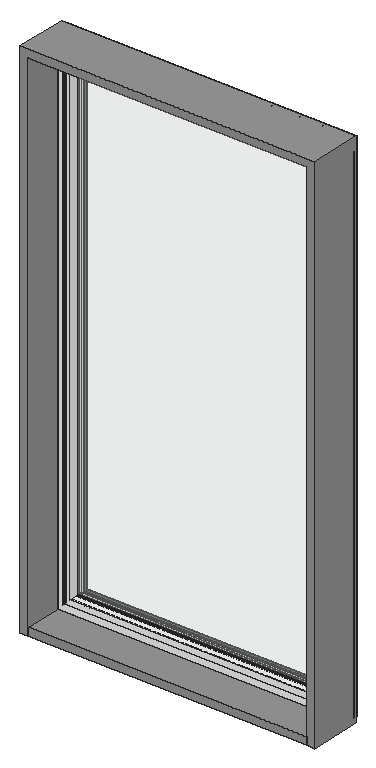
Revit family "WBW_VasteBeglazing 1 vak", category Windows, host Wall, Revit 2013
Parameters (values of type "RT element vast beglaasd")
  Versterking Buitenzijde = no
  Versterking Binnenzijde = yes
  URL = "http://www.kawneer.com/bcs/architectuursystemen/en/about/locations.asp"
  Type Comments = "Vrij te parameteriseren Revit Model"  # constant formula
  Spouwdiepte = 180 mm
  Speling Pui_buitenblad MW Onderzijde = 10 mm
  Speling Pui_ buitenblad MW = 10 mm
  ScheduleType |RF| = "WBC_W_F"
  RT 72 = yes
  RT 62 = no
  RT 52 = no
  Operation = "IfcWindow"
  OffsetVkKozijnVkStelkozijn = 13.5 mm
  Nen 5096 R.c. 2 = yes
  NL-SfB-Code = "31.21.22"  # constant formula
  Model = "NL-SfB naam"
  Manufacturer Tel. = "+31341-464631 / harold.kok@arconic.com"  # constant formula
  Manufacturer = ""
  Kleur H&S = NVT
  Kleur Buitenzijde Vleugel = Kawneer RAL 9010
  Kleur Buitenzijde = Kawneer RAL 9010
  Kleur Binnenzijde Vleugel = Kawneer RAL 9010
  Kleur Binnenzijde = Kawneer RAL 9010
  Keynote = "30.34"
  Hoogte Tussen regel 5 = 0 mm
  Hoogte Tussen regel 4 = 0 mm
  Hoogte Tussen regel 3 = 0 mm
  Hoogte Tussen regel 2 = 0 mm
  Hoogte Tussen regel 1 = 0 mm
  Height = 1800 mm
  HalveSpouw_OffsetVkKozijn_Stelkozijn = HalveSpouw + OffsetVkKozijnVkStelkozijn  # 103.5 mm
  HalveSpouw = Spouwdiepte / 2  # 90 mm
  GlassType = Glass, Clear Glazing, Low E
  Glasdikte (totaal) = 29 mm  # constant formula
  DikteStelkozijn_SpelingPui_BuitenbladMW = Dikte Stelkozijn - Speling Pui_ buitenblad MW  # 17 mm
  DikteStelkozijnOnderzijde_SpelingPui_BuitenbladMWOnderzijde = Dikte Stelkozijn onderzijde - Speling Pui_buitenblad MW Onderzijde  # 17 mm
  Dikte Stelkozijn onderzijde = 27 mm
  Dikte Stelkozijn = 27 mm
  Diepte Versterking Buitenzijde_30_50_85 = 30 mm
  Diepte Versterking Binnenzijde_30_55_75 = 75 mm
  Description 2 = if(RT 52, "' Standaard systeemomschrijving RT 52 standaard vlak", if(RT 62, "Standaard systeemomschrijving RT 62 standaard vlak", "'Standaard systeemomschrijving RT 72 standaard vlak"))  # "'Standaard systeemomschrijving RT 72 standaard vlak"
  Description = if(RT 52, "Kawneer RT 52 raamelement volgens productomschrijving:", if(RT 62, "Kawneer RT 62 raamelement volgens productomschrijving:", "Kawneer RT 72 raamelement volgens productomschrijving:"))  # "Kawneer RT 72 raamelement volgens productomschrijving:"
  Default Sill Height = 800 mm
  Wall Closure = By host
  Width = 1000 mm
  BreedteMaat_5 = 0 mm
  BreedteMaat_4 = 0 mm
  BreedteMaat_3 = 0 mm
  BreedteMaat_2 = 0 mm
  BreedteMaat_1 = 0 mm
  Brandwerendheid = no
  Brandwerend volgens:2 = if(and(RT 52, Brandwerendheid), "-", if(and(RT 62, Brandwerendheid), "Rapport 2010-Efectis-R0226[Rev.4] Brandbeoordeling EW 30", if(and(RT 72, Brandwerendheid), "Rapport g2013005803r001DGMR RT72 brandbeoordeling EW30", "Niet van toepassing_geselecteerd")))  # "Niet van toepassing_geselecteerd"
  Brandwerend volgens: = if(and(RT 52, Brandwerendheid), "Niet mogelijk binnen dit systeem_kiest u RT 62 of RT 72", if(and(RT 62, Brandwerendheid), "Nen 6069 criteria Ew30 mits uitgevoerd conform:", if(and(RT 72, Brandwerendheid), "Nen 6069 criteria Ew30 mits uitgevoerd concorm:", "-")))  # "-"
  Beslag Resume 05 = if(Nen 5096 R.c. 2, "Inbraakwerend volgens attest ALCOA SKG.0055.0292.07.NL (klasse 2)", "Niet inbraakwerend")  # "Inbraakwerend volgens attest ALCOA SKG.0055.0292.07.NL (klasse 2)"
  Beslag Resume 04 = "Vaste Beglazing"  # constant formula
  Beslag Resume 03 = "Handgreep A-line (niet afsluitbaar) artikel 276 177"
  Beslag Resume 02 = ""
  Beslag Resume 01 = ""
  B1 = 500 mm
  Assembly Code = "B2020110"
  Analytic Construction = "<None>"
  AanzichtlLijnVal = yes
  Aanzichtbreedte Tussen Stijlen _68_78_88_110_150_200mm = 78
  Aanzichtbreedte Tussen Regels _68_78_88_110_150_200mm = 78
  Aanzichtbreedte Raamvleugel Profielen _35_45_66mm = 35
  Aanzichtbreedte Kozijn Profielen_68_78_88_110_150mm = 68
  AanzichtLijnDraai = yes
  Aanzicht Tussen Stijl 88mm = (Aanzichtbreedte Tussen Stijlen _68_78_88_110_150_200mm = 88)  # no
  Aanzicht Tussen Stijl 78mm = (Aanzichtbreedte Tussen Stijlen _68_78_88_110_150_200mm = 78)  # yes
  Aanzicht Tussen Stijl 68mm = (Aanzichtbreedte Tussen Stijlen _68_78_88_110_150_200mm = 68)  # no
  Aanzicht Tussen Stijl 200mm = (Aanzichtbreedte Tussen Stijlen _68_78_88_110_150_200mm = 200)  # no
  Aanzicht Tussen Stijl 150mm = (Aanzichtbreedte Tussen Stijlen _68_78_88_110_150_200mm = 150)  # no
  Aanzicht Tussen Stijl 110mm = (Aanzichtbreedte Tussen Stijlen _68_78_88_110_150_200mm = 110)  # no
  Aanzicht Tussen Stijl = ""
  Aanzicht Tussen Regel 88mm = (Aanzichtbreedte Tussen Regels _68_78_88_110_150_200mm = 88)  # no
  Aanzicht Tussen Regel 78mm = (Aanzichtbreedte Tussen Regels _68_78_88_110_150_200mm = 78)  # yes
  Aanzicht Tussen Regel 68mm = (Aanzichtbreedte Tussen Regels _68_78_88_110_150_200mm = 68)  # no
  Aanzicht Tussen Regel 200mm = (Aanzichtbreedte Tussen Regels _68_78_88_110_150_200mm = 200)  # no
  Aanzicht Tussen Regel 150mm = (Aanzichtbreedte Tussen Regels _68_78_88_110_150_200mm = 150)  # no
  Aanzicht Tussen Regel 110mm = (Aanzichtbreedte Tussen Regels _68_78_88_110_150_200mm = 110)  # no
  Aanzicht Tussen Regel = ""
  Aanzicht Kader 88mm = (Aanzichtbreedte Kozijn Profielen_68_78_88_110_150mm = 88)  # no
  Aanzicht Kader 78mm = (Aanzichtbreedte Kozijn Profielen_68_78_88_110_150mm = 78)  # no
  Aanzicht Kader 68mm = (Aanzichtbreedte Kozijn Profielen_68_78_88_110_150mm = 68)  # yes
  Aanzicht Kader 110mm = (Aanzichtbreedte Kozijn Profielen_68_78_88_110_150mm = 110)  # no
  Aanzicht Kader = ""
Reference planes
  plane 1 "Center (Front/Back)": y = 0
  plane 2 "Center (Left/Right)": x = 0
  plane 3 "Left": x = -500
  plane 4 "Right": x = 500
  plane 5 "Sill": z = 800
  plane 6 "Head": z = 2600
  plane 7 "Exterior": y = 100
  plane 8 "Interior": y = -100
  plane 9 "Dagkant Buitenblad metselwerk Links": x = -510
  plane 10 "Dagkant Buitenblad metselwerk Rechts": x = 510
  plane 11 "Dagkant Stelkozijn_Binnenblad metselwewrk Links": x = -483
  plane 12 "Dagkant Stelkozijn_Binnenblad metselwewrk Rechts": x = 483
  plane 13 "VK Pui": y = 103.5
  plane 14 "AK Buitenblad MW": y = 90
  plane 15 "VK Stelkozijn": y = 90
  plane 16 "AK Pui": y = -40
  plane 17 "VK Binnenblad MW": y = -90
  plane 18: z = 2610
  plane 19: z = 2583
  plane 20: z = 817
  plane 21: z = 790
Forms (mm)
  Sweep 1, void
    path origin (0, 100, 0) x (1, 0, 0) y (0, 0, 1)
      loop
        line (500, 2600) -> (-500, 2600) -> (-500, 800) -> (500, 800) -> (500, 2600)
    profile origin (0, 100, 2600) x (0, 0, -1) y (0, -1, 0)
      loop
        line (-10, 0) -> (17, 0) -> (17, 190) -> (-10, 190) -> (-10, 0)
  Extrusion 2, void
    sketch origin (0, 100, 0) x (1, 0, 0) y (0, 0, 1)
      loop
        line (483, 2583) -> (-483, 2583) -> (-483, 817) -> (483, 817) -> (483, 2583)
    from 0 to 200
  Sweep 3, solid, material "Wood"
    path origin (0, 0, 0) x (1, 0, 0) y (0, 0, 1)
      loop
        line (499.822, 790) -> (499.822, 2600) -> (-500, 2600) -> (-500, 790)
    profile origin (-0.089, 0, 2600) x (0, 0, -1) y (0, -1, 0)
      loop
        line (-10, -90) -> (17, -90) -> (17, 90) -> (-10, 90) -> (-10, -90)
  Sweep 4, solid, material "Wood"
    path origin (0, 0, 0) x (1, 0, 0) y (0, 0, 1)
      loop
        line (482.822, 800) -> (-483, 800)
    profile origin (-0.089, 0, 800) x (0, 0, -1) y (0, -1, 0)
      loop
        line (-17, -90) -> (10, -90) -> (10, 90) -> (-17, 90) -> (-17, -90)
Text (mm)
  text "EXTERIOR" at (-1963.203, 1332.353, 0), in view "Ref. Level"
  text "INTERIOR" at (-1981.466, -818.386, 0), in view "Ref. Level"
  text "Exterior" at (0, 923.751, 2943.296), in view "Right"
  text "Exterior" at (0, 1040.484, 2685.409), in view "Left"
Dimensions and locks
  equal spacing: plane 3 "Left", plane 2 "Center (Left/Right)", plane 4 "Right"
  "Width": plane 3 "Left" to plane 4 "Right"
  "Height": plane 5 "Sill" to plane 6 "Head"
  "Default Sill Height": plane 5 "Sill" to level
  locked: plane 7 "Exterior" to host wall at 0
  locked: plane 8 "Interior" to host wall
  "Speling Pui_ buitenblad MW": plane 9 "Dagkant Buitenblad metselwerk Links" to plane 3 "Left"
  "Speling Pui_ buitenblad MW": plane 4 "Right" to plane 10 "Dagkant Buitenblad metselwerk Rechts"
  "DikteStelkozijn_SpelingPui_BuitenbladMW": plane 3 "Left" to plane 11 "Dagkant Stelkozijn_Binnenblad metselwewrk Links"
  "DikteStelkozijn_SpelingPui_BuitenbladMW": plane 12 "Dagkant Stelkozijn_Binnenblad metselwewrk Rechts" to plane 4 "Right"
  "Speling Pui_ buitenblad MW": plane 6 "Head" to plane 18
  "Speling Pui_buitenblad MW Onderzijde": plane 5 "Sill" to plane 21
  "DikteStelkozijn_SpelingPui_BuitenbladMW": plane 19 to plane 6 "Head"
  "DikteStelkozijnOnderzijde_SpelingPui_BuitenbladMWOnderzijde": plane 5 "Sill" to plane 20
  "HalveSpouw": plane 15 "VK Stelkozijn" to plane 1 "Center (Front/Back)"
  "HalveSpouw": plane 1 "Center (Front/Back)" to plane 17 "VK Binnenblad MW"
  "HalveSpouw_OffsetVkKozijn_Stelkozijn": plane 13 "VK Pui" to plane 1 "Center (Front/Back)"
  aligned and locked: Sweep 1 sketch curve to plane 6 "Head"
  aligned and locked: Sweep 1 sketch curve to plane 4 "Right"
  aligned and locked: plane 5 "Sill" to Sweep 1 sketch curve
  aligned and locked: plane 3 "Left" to Sweep 1 sketch curve
  aligned and locked: Sweep 1 sketch curve to plane 18
  aligned and locked: plane 19 to Sweep 1 sketch curve
  aligned and locked: plane 17 "VK Binnenblad MW" to Sweep 1 sketch curve
  aligned and locked: Extrusion 2 sketch curve to Sweep 1  (x4)
  aligned and locked: host wall to Extrusion 2
  aligned and locked: Sweep 3 sketch curve to plane 6 "Head"
  aligned and locked: Sweep 3 sketch curve to plane 18
  aligned and locked: Sweep 3 sketch curve to plane 15 "VK Stelkozijn"
  aligned and locked: plane 19 to Sweep 3 sketch curve
  aligned and locked: plane 17 "VK Binnenblad MW" to Sweep 3 sketch curve
  aligned and locked: plane 21 to Sweep 3 sketch curve
  aligned and locked: plane 3 "Left" to Sweep 3 sketch curve
  aligned and locked: Sweep 4 sketch curve to plane 20
  aligned and locked: Sweep 4 sketch curve to plane 15 "VK Stelkozijn"
  aligned and locked: Sweep 4 sketch curve to Sweep 3  (x2)
  aligned and locked: plane 4 "Right" to nested 1
  aligned and locked: plane 6 "Head" to nested 1
  aligned and locked: nested 1 to plane 3 "Left"
  aligned and locked: plane 1 "Center (Front/Back)" to host wall
  aligned and locked: nested 1 to plane 13 "VK Pui"
Automatic sketch dimensions
  Sweep 1 sketch curve to plane 7 "Exterior" = 0 mm
  Sweep 3 sketch curve to plane 21 = 0 mm
  plane 4 "Right" to Sweep 3 sketch curve = 0.178 mm
  Sweep 4 sketch curve to plane 5 "Sill" = 0 mm
  plane 11 "Dagkant Stelkozijn_Binnenblad metselwewrk Links" to Sweep 4 sketch curve = 0 mm
  plane 12 "Dagkant Stelkozijn_Binnenblad metselwewrk Rechts" to Sweep 4 sketch curve = 0.178 mm
Nested families
  nested 1: "GMW_VasteBeglazing 1vak" at (0, 103.5, 1700), type "GMW_VasteBeglazing 1vak"
    with AanzichtLijnDraai yes
Definition of nested family "GMW_VasteBeglazing 1vak"
  Parameters (values of type "GMW_VasteBeglazing 1vak")
    Width = 1000 mm
    Versterking Buitenzijde = no
    Versterking Binnenzijde = yes
    VerborgenWaterAfvoer = no
    SysteemDiepteVleugel = SysteemDiepte + 7.8 mm  # 80 mm
    SysteemDiepte = if(RT 52, 52.2 mm, if(RT 62, 62.2 mm, 72.2 mm))  # 72.2 mm
    SweepOffset = (BodyHeight + 44 mm) / 2  # 34 mm
    ScheduleType |RF| = "GMC_W_F"
    Scharnieren aan/uit = yes
    RT 72 = yes
    RT 62 = no
    RT 52 = no
    P3vleugel = SysteemDiepteVleugel - 32 mm  # 48 mm
    P3 = SysteemDiepte - 20.7 mm  # 51.5 mm
    Kleur H&S = none
    Kleur Buitenzijde Vleugel = none
    Kleur Buitenzijde = none
    Kleur Binnenzijde Vleugel = none
    Kleur Binnenzijde = none
    IsoPositionerVent = if(Aanzicht Vleugel 35mm, 42.7 mm, if(Aanzicht Vleugel 45mm, 52.7 mm, 73.7 mm))  # 42.7 mm
    IsoPositionerTProfile = if(Aanzicht Kader 68mm, 41 mm, if(Aanzicht Kader 78mm, 51 mm, if(Aanzicht Kader 88mm, 61 mm, 83 mm)))  # 41 mm
    Height = 1800 mm
    Handgreep SI_line = no
    Handgreep A_line = yes
    HLPM = 1800 mm
    Glassponning 2 = BodyHeight / 2  # 12 mm
    Glassponning 1 = BodyHeight / 2  # 12 mm
    GlassType = Glass, Clear Glazing, Low E
    Glasdikte (totaal) = 29 mm
    Diepte Versterking Buitenzijde_30_50_85 = 30 mm
    Diepte Versterking Binnenzijde_30_55_75 = 75 mm
    BodyHeightVent = if(Aanzicht Vleugel 35mm, 15.7 mm, if(Aanzicht Vleugel 45mm, 25.7 mm, 46.7 mm))  # 15.7 mm
    BodyHeight = if(Aanzicht Kader 68mm, 24 mm, if(Aanzicht Kader 78mm, 34 mm, if(Aanzicht Kader 88mm, 44 mm, 66 mm)))  # 24 mm
    Beslag Nen 5096 R.c. 3 = no
    Beslag Nen 5096 R.c. 2 = no
    BLMP = 1000 mm
    B1 = 500 mm
    AanzichtlLijnVal = yes
    Aanzichtbreedte Tussen Stijlen _68_78_88_110_150_200mm = 78
    Aanzichtbreedte Tussen Regels _68_78_88_110_150_200mm = 78
    Aanzichtbreedte Raamvleugel Profielen _35_45_66mm = 35
    Aanzichtbreedte Kozijn Profielen_68_78_88_110_150mm = 68
    AanzichtLijnDraai = no
    Aanzicht Vleugel 66mm = (Aanzichtbreedte Raamvleugel Profielen _35_45_66mm = 66)  # no
    Aanzicht Vleugel 45mm = (Aanzichtbreedte Raamvleugel Profielen _35_45_66mm = 45)  # no
    Aanzicht Vleugel 35mm = (Aanzichtbreedte Raamvleugel Profielen _35_45_66mm = 35)  # yes
    Aanzicht Tussen Stijl 88mm = (Aanzichtbreedte Tussen Stijlen _68_78_88_110_150_200mm = 88)  # no
    Aanzicht Tussen Stijl 78mm = (Aanzichtbreedte Tussen Stijlen _68_78_88_110_150_200mm = 78)  # yes
    Aanzicht Tussen Stijl 68mm = (Aanzichtbreedte Tussen Stijlen _68_78_88_110_150_200mm = 68)  # no
    Aanzicht Tussen Stijl 200mm = (Aanzichtbreedte Tussen Stijlen _68_78_88_110_150_200mm = 200)  # no
    Aanzicht Tussen Stijl 150mm = (Aanzichtbreedte Tussen Stijlen _68_78_88_110_150_200mm = 150)  # no
    Aanzicht Tussen Stijl 110mm = (Aanzichtbreedte Tussen Stijlen _68_78_88_110_150_200mm = 110)  # no
    Aanzicht Kader 88mm = (Aanzichtbreedte Kozijn Profielen_68_78_88_110_150mm = 88)  # no
    Aanzicht Kader 78mm = (Aanzichtbreedte Kozijn Profielen_68_78_88_110_150mm = 78)  # no
    Aanzicht Kader 68mm = (Aanzichtbreedte Kozijn Profielen_68_78_88_110_150mm = 68)  # yes
    Aanzicht Kader 110mm = (Aanzichtbreedte Kozijn Profielen_68_78_88_110_150mm = 110)  # no
  Reference planes
    plane 1 "Center (Front/Back)": y = 0
    plane 2: z = 0
    plane 3 "Center (Left/Right)": x = 0
    plane 4 "LP Top": z = 900
    plane 5 "LP Left": x = -500
    plane 6 "LP Right": x = 500
    plane 7: y = 7.6
    plane 8: y = 36.6
    plane 9: y = 72.2
    plane 10: z = 0
    plane 11 "LP Bottom": z = -900
  Dimensions and locks
    plane 1 "Center (Front/Back)" to plane 7 = 7.6 mm
    plane 7 to plane 8 = 29 mm
    "SysteemDiepte": plane 1 "Center (Front/Back)" to plane 9
    "HLPM": plane 4 "LP Top" to plane 11 "LP Bottom"
    equal spacing: plane 4 "LP Top", level, plane 11 "LP Bottom"
    "BLMP": plane 5 "LP Left" to plane 6 "LP Right"
    equal spacing: plane 5 "LP Left", plane 3 "Center (Left/Right)", plane 6 "LP Right"
    aligned and locked: level to plane 2
    aligned and locked: plane 11 "LP Bottom" to nested 1
    aligned and locked: plane 4 "LP Top" to nested 1
    aligned and locked: plane 5 "LP Left" to nested 1
    aligned and locked: plane 6 "LP Right" to nested 1
    aligned and locked: plane 1 "Center (Front/Back)" to nested 2
    aligned and locked: nested 1 to nested 2  (x4)
  Nested families
    nested 1: "KADER" at (0, 0, -900), type "KADER"
      with HLPM 1800 mm, BLMP 1000 mm, SysteemDiepte 72.2 mm, RT 72 yes, RT 52 no, P3 51.5 mm
    nested 2: "Glasvast" at (0, 0, -10.63), type "GlasVleugel"
      with Grip#2 908 mm, Grip#1 1708 mm, GlasHoogte 1694 mm, GlasBreedte 894 mm
  Definition of nested family "KADER"
    Parameters (values of type "KADER")
      VerborgenWaterAfvoer = yes
      SysteemDiepte = 52.2 mm
      SweepOffset = 34 mm
      RT 72 = no
      RT 62 = no
      RT 52 = yes
      P3 = 31.5 mm
      Kleur Buitenzijde = none
      Kleur Binnenzijde = none
      IsoPositionerTProfile = 41 mm
      HLPM [instance] = 1800 mm
      Glassponning 2 = 12 mm
      Glassponning 1 = 12 mm
      BodyHeight = 24 mm
      BLMP [instance] = 1200 mm
      Aanzicht Kader 88mm = no
      Aanzicht Kader 78mm = no
      Aanzicht Kader 68mm = yes
      Aanzicht Kader 110mm = no
    Reference planes
      plane 1 "Center (Front/Back)": y = 0
      plane 2: z = 0
      plane 3 "Center (Left/Right)": x = 0
      plane 4 "LP Top": z = 1800
      plane 5: z = 1778
      plane 6: z = 1754
      plane 7: z = 22
      plane 8: z = 46
      plane 9: x = -566
      plane 10: x = -578
      plane 11 "LP Left": x = -600
      plane 12: x = 554
      plane 13: x = 578
      plane 14 "LP Right": x = 600
      plane 15: x = -554
      plane 16: z = 34
      plane 17: z = 1766
      plane 18: x = 566
      plane 19: z = 0
      plane 20 "BinnenzijdeKozijn": y = 52.2
    Forms (mm)
      Sweep 1, solid, material <- "Kleur Buitenzijde"
        path origin (0, 0, 0) x (1, 0, 0) y (0, 0, 1)
          loop
            line (566, 34) -> (566, 1766) -> (-566, 1766) -> (-566, 34) -> (566, 34)
        profile "T VWA buitenschaal : MonioLith T outside  22 mm flange  no drainage" origin (0, 0, 34) x (0, 0, -1) y (0, -1, 0)
          loop
            line (34, 0) -> (-34, 0) -> (-34, -4) -> (-31.5, -4) -> (-31.5, -3) -> (-32.8, -3) -> (-32.8, -1.4) -> (-27.2, -1.4) -> (-27.2, -3) -> (-28.5, -3) -> (-28.5, -4) -> (-24.5, -4) -> (-24.5, -3.2) -> (-26, -3.2) -> (-26, -1.6) -> (-23, -1.6) -> (-7, -1.806) -> (-7, -16.3) -> (-10.5, -16.3) -> (-10.5, -14.7) -> (-11.5, -14.7) -> (-11.5, -19.2) -> (-10.5, -19.2) -> (-10.5, -17.8) -> (-7, -17.8) -> (-7, -21.9) -> (-5.1, -20.7) -> (5.1, -20.7) -> (7, -21.9) -> (7, -17.8) -> (10.5, -17.8) -> (10.5, -19.2) -> (11.5, -19.2) -> (11.5, -14.7) -> (10.5, -14.7) -> (10.5, -16.3) -> (7, -16.3) -> (7, -10.2) -> (28.563, -10.2) -> (28.563, -9.2) -> (27.263, -9.2) -> (27.263, -7.6) -> (32.863, -7.6) -> (32.863, -9.2) -> (31.563, -9.2) -> (31.563, -10.2) -> (34, -10.2) -> (34, 0)
      Sweep 2, solid
        path origin (0, 0, 0) x (1, 0, 0) y (0, 0, 1)
          loop
            line (566, 34) -> (566, 1766) -> (-566, 1766) -> (-566, 34) -> (566, 34)
        profile "T-profiel Iso : RT NL" origin (0, 0, 34) x (0, 0, -1) y (0, -1, 0)
          loop
            line (4.886, -30.521) -> (6.95, -29.33) -> (6.95, -27.2) -> (11.45, -27.2) -> (11.45, -24.6) -> (10.45, -24.6) -> (10.45, -26) -> (6.95, -26) -> (6.95, -22.836) -> (4.886, -21.644) -> (4.886, -20.7) -> (-4.886, -20.7) -> (-4.886, -21.644) -> (-6.95, -22.836) -> (-6.95, -26) -> (-10.45, -26) -> (-10.45, -24.6) -> (-11.45, -24.6) -> (-11.45, -27.2) -> (-6.95, -27.2) -> (-6.95, -29.33) -> (-4.886, -30.521) -> (-4.886, -31.5) -> (4.886, -31.5) -> (4.886, -30.521)
      Sweep 3, solid, material <- "Kleur Binnenzijde"
        path origin (0, 0, 0) x (1, 0, 0) y (0, 0, 1)
          loop
            line (566, 34) -> (566, 1766) -> (-566, 1766) -> (-566, 34) -> (566, 34)
        profile "T binnenschaal : RT NL" origin (0, 0, 34) x (0, 0, -1) y (0, -1, 0)
          loop
            line (12.003, -52.2) -> (12.003, -48) -> (10.503, -48) -> (10.503, -50.4) -> (7, -50.4) -> (7, -35.7) -> (10.503, -35.7) -> (10.503, -37.78) -> (11.803, -37.78) -> (11.803, -32.4) -> (10.503, -32.4) -> (10.503, -34) -> (7, -34) -> (7, -30.3) -> (5.1, -31.5) -> (-5.1, -31.5) -> (-7.062, -30.279) -> (-7.062, -34) -> (-10.497, -34) -> (-10.497, -32.4) -> (-11.797, -32.4) -> (-11.797, -37.8) -> (-10.497, -37.8) -> (-10.497, -35.7) -> (-7, -35.7) -> (-7, -50.4) -> (-10.497, -50.4) -> (-10.497, -48) -> (-11.997, -48) -> (-11.997, -52.2) -> (12.003, -52.2)
      Sweep 4, solid
        path origin (0, 0, 0) x (1, 0, 0) y (0, 0, 1)
          loop
            line (-600, 0) -> (600, 0) -> (600, 1800) -> (-600, 1800) -> (-600, 0)
        profile origin (-600, 0, 900) x (-1, 0, 0) y (0, -1, 0)
          loop
            line (-0.372, -10.397) -> (-2.491, -10.397) -> (-2.491, -9.06) -> (-1.662, -9.06) -> (-1.662, -7.996) -> (-6.3, -7.996) -> (-6.3, -9.06) -> (-5.389, -9.06) -> (-5.389, -10.397) -> (-8.271, -10.397) -> (-8.271, -12.283) -> (-6.728, -13.197) -> (-0.922, -13.197) -> (0.092, -12.184) -> (0.092, -11.075) -> (-0.372, -10.397)
    Lines and regions (mm)
      model lines
        curve 1: line (532, 0, 68) -> (600.092, 0, -0.092)
        curve 2: line (-532, 0, 68) -> (-600.092, 0, -0.092)
        curve 3: line (-600.092, 0, 1800.092) -> (-532, 0, 1732)
        curve 4: line (600, 0, 1800) -> (532, 0, 1732)
        curve 5: line (554.003, 52.2, 45.997) -> (578.003, 52.2, 21.997)
        curve 6: line (-554.003, 52.2, 45.997) -> (-578.003, 52.2, 21.997)
        curve 7: line (-554.003, 52.2, 1754.003) -> (-578.003, 52.2, 1778.003)
        curve 8: line (554.003, 52.2, 1754.003) -> (578.003, 52.2, 1778.003)
    Dimensions and locks
      equal spacing: plane 11 "LP Left", plane 3 "Center (Left/Right)", plane 14 "LP Right"
      "BLMP": plane 11 "LP Left" to plane 14 "LP Right"
      "SweepOffset": plane 4 "LP Top" to plane 17
      "SweepOffset": plane 16 to level
      "SweepOffset": plane 18 to plane 14 "LP Right"
      "SweepOffset": plane 11 "LP Left" to plane 9
      "Glassponning 1": plane 9 to plane 10
      "Glassponning 2": plane 15 to plane 9
      "Glassponning 1": plane 16 to plane 7
      "Glassponning 2": plane 8 to plane 16
      "Glassponning 2": plane 18 to plane 12
      "Glassponning 1": plane 13 to plane 18
      "Glassponning 1": plane 5 to plane 17
      "Glassponning 2": plane 17 to plane 6
      "HLPM": plane 4 "LP Top" to plane 19
      "SysteemDiepte": plane 1 "Center (Front/Back)" to plane 20 "BinnenzijdeKozijn"
      aligned and locked: level to plane 2
      aligned and locked: nested 2 to plane 1 "Center (Front/Back)"
      aligned and locked: plane 1 "Center (Front/Back)" to nested 1
      aligned and locked: nested 1 to plane 11 "LP Left"
      aligned and locked: nested 3 to plane 1 "Center (Front/Back)"
      aligned and locked: nested 3 to level
      aligned and locked: plane 1 "Center (Front/Back)" to nested 4
      aligned and locked: nested 4 to plane 4 "LP Top"
      aligned and locked: level to plane 19
      aligned and locked: curve 5 to Sweep 3
      aligned and locked: Sweep 3 to curve 5
      aligned and locked: Sweep 3 to curve 8
      aligned and locked: nested 2 to plane 14 "LP Right"
    Automatic sketch dimensions
      Sweep 1 sketch curve to plane 9 = 0 mm
      Sweep 1 sketch curve to plane 16 = 0 mm
      Sweep 1 sketch curve to plane 18 = 0 mm
      Sweep 1 sketch curve to plane 17 = 0 mm
      Sweep 2 sketch curve to plane 9 = 0 mm
      Sweep 2 sketch curve to plane 16 = 0 mm
      Sweep 2 sketch curve to plane 18 = 0 mm
      Sweep 2 sketch curve to plane 17 = 0 mm
      Sweep 3 sketch curve to plane 9 = 0 mm
      Sweep 3 sketch curve to plane 17 = 0 mm
      Sweep 3 sketch curve to plane 18 = 0 mm
      Sweep 3 sketch curve to plane 16 = 0 mm
      Sweep 4 sketch curve to plane 4 "LP Top" = 0 mm
      plane 14 "LP Right" to Sweep 4 sketch curve = 0 mm
      plane 11 "LP Left" to Sweep 4 sketch curve = 0 mm
      Sweep 4 sketch curve to level = 0 mm
      profile plane to Sweep 4 sketch curve = 8.271 mm
      Sweep 4 sketch curve to plane 1 "Center (Front/Back)" = 13.197 mm
      Sweep 4 sketch curve to Sweep 4 sketch curve = 1.543 mm
      Sweep 4 sketch curve to Sweep 4 sketch curve = 1.971 mm
      Sweep 4 sketch curve to Sweep 4 sketch curve = 0.91 mm
      profile plane to Sweep 4 sketch curve = 2.491 mm
      Sweep 4 sketch curve to Sweep 4 sketch curve = 0.829 mm
      profile plane to Sweep 4 sketch curve = 0.922 mm
      Sweep 4 sketch curve to profile plane = 0.092 mm
      profile plane to Sweep 4 sketch curve = 0.372 mm
      Sweep 4 sketch curve to Sweep 4 sketch curve = 0.914 mm
      Sweep 4 sketch curve to Sweep 4 sketch curve = 1.013 mm
      Sweep 4 sketch curve to Sweep 4 sketch curve = 1.886 mm
      Sweep 4 sketch curve to Sweep 4 sketch curve = 0 mm
      Sweep 4 sketch curve to Sweep 4 sketch curve = 1.338 mm  (x2)
      Sweep 4 sketch curve to Sweep 4 sketch curve = 1.063 mm
      Sweep 4 sketch curve to Sweep 4 sketch curve = 0.677 mm
      curve 4 to plane 4 "LP Top" = 0 mm
      curve 4 to plane 14 "LP Right" = 0 mm
      plane 12 to curve 1 = 22 mm
      plane 12 to curve 4 = 22 mm
      curve 3 to plane 15 = 22 mm
      curve 2 to plane 15 = 22 mm
      plane 11 "LP Left" to curve 2 = 0.092 mm
      plane 11 "LP Left" to curve 3 = 0.092 mm
      curve 1 to plane 14 "LP Right" = 0.092 mm
      curve 4 to plane 6 = 22 mm
      curve 3 to plane 6 = 22 mm
      plane 8 to curve 1 = 22 mm
      plane 8 to curve 2 = 22 mm
      curve 2 to level = 0.092 mm
      curve 1 to level = 0.092 mm
      plane 4 "LP Top" to curve 3 = 0.092 mm
      plane 5 to curve 8 = 0.003 mm
      plane 5 to curve 7 = 0.003 mm
      plane 6 to curve 8 = 0.003 mm
      plane 6 to curve 7 = 0.003 mm
      curve 6 to plane 8 = 0.003 mm
      curve 5 to plane 8 = 0.003 mm
      curve 6 to plane 7 = 0.003 mm
      curve 5 to plane 7 = 0.003 mm
      curve 8 to plane 12 = 0.003 mm
      plane 15 to curve 7 = 0.003 mm
      plane 15 to curve 6 = 0.003 mm
      curve 7 to plane 10 = 0.003 mm
      curve 6 to plane 10 = 0.003 mm
    Nested families
      nested 1: "test T" at (-600, 0, 0), type "test T"
        with SysteemDiepte 52.2 mm, RT 72 no, RT 52 yes, IsoPositionerTProfile 41 mm, Aanzicht 68mm yes, Aanzicht 110mm no
      nested 2: "test T" at (600, 0, 0) x (-1, 0, 0) z (0, 0, 1), type "test T"
        with SysteemDiepte 52.2 mm, RT 72 no, RT 52 yes, IsoPositionerTProfile 41 mm, Aanzicht 68mm yes, Aanzicht 110mm no
      nested 3: "test T" at (0, 0, 0) x (0, 0, 1) z (1, 0, 0), type "test T"
        with SysteemDiepte 52.2 mm, RT 72 no, RT 52 yes, IsoPositionerTProfile 41 mm, Aanzicht 68mm yes, Aanzicht 110mm no
      nested 4: "test T" at (0, 0, 1800) x (0, 0, -1) z (1, 0, 0), type "test T"
        with SysteemDiepte 52.2 mm, RT 72 no, RT 52 yes, IsoPositionerTProfile 41 mm, Aanzicht 68mm yes, Aanzicht 110mm no
    Definition of nested family "test T"
      Parameters (values of type "test T")
        SysteemDiepte = 72.2 mm
        RT 72 = yes
        RT 62 = no
        RT 52 = no
        IsoPositionerTProfile = if(Aanzicht 68mm, 41 mm, if(Aanzicht 78mm, 51 mm, if(Aanzicht 88mm, 61 mm, 83 mm)))  # 83 mm
        Aanzicht 88mm = no
        Aanzicht 78mm = no
        Aanzicht 68mm = no
        Aanzicht 110mm = yes
      Reference planes
        plane 1 "Center (Front/Back)": y = 0
        plane 2: z = 0
        plane 3 "Center (Left/Right)": x = 0
        plane 4: x = 33.893
        plane 5: x = 83
        plane 6: y = 28.95
        plane 7: y = 41.565
        plane 8: y = 72.2
      Lines and regions (mm)
        model lines, style "Medium Lines", in view "Ref. Level", detail levels medium
          curve 1: line (0, 0, 0) -> (115.4, 0, 0)
          curve 2: line (27.05, 49.442, 0) -> (27.05, 22.903, 0)
      Dimensions and locks
        "SysteemDiepte": plane 8 to plane 1 "Center (Front/Back)"
        "IsoPositionerTProfile": plane 3 "Center (Left/Right)" to plane 5
        aligned and locked: import instance to plane 8  (x2)
        aligned and locked: plane 8 to import instance  (x2)
        aligned and locked: plane 5 to import instance  (x2)
        aligned and locked: import instance to plane 5
        aligned and locked: curve 2 to import instance
        aligned and locked: import instance to import instance  (x3)
      Automatic sketch dimensions
        curve 1 to plane 3 "Center (Left/Right)" = 0 mm
        plane 1 "Center (Front/Back)" to curve 1 = 0 mm
        plane 5 to curve 1 = 32.4 mm
        curve 2 to plane 6 = 6.047 mm
        plane 7 to curve 2 = 7.878 mm
  Definition of nested family "Glasvast"
    Parameters (values of type "Glasvast")
      Type Comments = "Standaard Low-e glas toegepast"
      SysteemDiepteVleugel = SysteemDiepte + 7.8 mm  # 80 mm
      SysteemDiepte = if(RT 52, 52.2 mm, if(RT 62, 62.2 mm, 72.2 mm))  # 72.2 mm
      RT 72 = yes
      RT 62 = no
      RT 52 = no
      PakketDikte = 29 mm
      Omtrekspeling glas = 7 mm
      OffsetVkprofielVkGlas = 7 mm
      Model = "Beglazing \"vast\" deel ALCOA RT-series"
      Kleur Binnenzijde Vleugel = none
      Inrolrubber = SysteemDiepte - GlazingBeadDepth  # 41.2 mm
      Grip#2 [instance] = 1200 mm
      Grip#1 [instance] = 1400 mm
      GlazingBeadDepth = if(RT 52, 10 mm, if(RT 62, 19 mm, 31 mm))  # 31 mm
      GlassType = Glass, Clear Glazing, Low E
      GlasHoogte [instance] = 1386 mm
      GlasBreedte [instance] = 1186 mm
    Reference planes
      plane 1 "Center (Front/Back)": y = 0
      plane 2: z = 10.63
      plane 3 "Center (Left/Right)": x = 0
      plane 4 "LP Top": z = 710.63
      plane 5 "LP Left": x = -600
      plane 6 "LP Right": x = 600
      plane 7 "VKGlas": y = 7
      plane 8 "AKGlas": y = 36
      plane 9 "AKKozijn": y = 72.2
      plane 10: z = 703.63
      plane 11: z = -682.37
      plane 12: x = -593
      plane 13: x = 593
      plane 14: y = 41.2
      plane 15: z = -689.37
    Forms (mm)
      Sweep 1, solid, material "Rubber, Black"
        path origin (0, 7, 0) x (0, 0, -1) y (1, 0, 0)
          loop
            line (-710.63, -600) -> (689.37, -600) -> (689.37, 600) -> (-710.63, 600) -> (-710.63, -600)
        profile "270148 : 270148" origin (0, 7, 710.63) x (0, 0, 1) y (0, -1, 0)
          loop
            line (-24.338, 0) -> (-20.434, 0) -> (-15.59, 1.753) -> (-15.59, 2.6) -> (-16.811, 2.6) -> (-16.811, 4) -> (-15.9, 4) -> (-15.9, 4.88) -> (-16.653, 5.1) -> (-18.947, 5.1) -> (-19.7, 4.827) -> (-19.7, 4) -> (-18.789, 4) -> (-18.789, 2.6) -> (-22.868, 2.6) -> (-23.691, 1.993) -> (-24.338, 0)
      Sweep 2, solid, material <- "Kleur Binnenzijde Vleugel"
        path origin (0, 72.2, 0) x (0, 0, -1) y (1, 0, 0)
          loop
            line (-710.63, 600) -> (-710.63, -600) -> (689.37, -600) -> (689.37, 600) -> (-710.63, 600)
        profile "GlasLat : GlasLat" origin (0, 72.2, 710.63) x (0, 0, -1) y (0, -1, 0)
          loop
            line (20, 31) -> (17.7, 31) -> (17.7, 29.5) -> (18.8, 29.5) -> (18.8, 7.708) -> (-1.911, 14) -> (-1.542, 15.6) -> (-3.07, 15.6) -> (-4.506, 12.909) -> (18.8, 5.829) -> (18.506, 1.5) -> (3.644, 1.5) -> (1.393, 5.4) -> (-1.003, 5.4) -> (-1.003, 4.2) -> (0.7, 4.2) -> (2.259, 1.5) -> (0.2, 1.5) -> (0.2, 0) -> (20, 0) -> (20, 31)
      Sweep 3, solid, material "Rubber, Black"
        path origin (0, 36, 0) x (0, 0, -1) y (1, 0, 0)
          loop
            line (682.37, -593) -> (682.37, 593) -> (-703.63, 593) -> (-703.63, -593) -> (682.37, -593)
        profile origin (0, 36, -682.37) x (0, 0, 1) y (0, -1, 0)
          loop
            line (13.157, -5.2) -> (14.61, -4.413) -> (15.793, 0) -> (5.805, 0) -> (7.727, -2.744) -> (9.813, -5.2) -> (13.157, -5.2)
      Extrusion 4, solid, material "Glass, Clear Glazing, Low E" <- "GlassType"
        sketch origin (0, 36, 0) x (0, 0, -1) y (1, 0, 0)
          loop
            line (-703.63, -593) -> (682.37, -593) -> (682.37, 593) -> (-703.63, 593) -> (-703.63, -593)
        from 0 to 29 <- "PakketDikte"
    Lines and regions (mm)
      model lines
        curve 1: line (580, 72.2, -669.37) -> (599.8, 72.2, -669.37)
        curve 2: line (-580, 72.2, -669.37) -> (-599.8, 72.2, -669.37)
        curve 3: line (-580, 72.2, 690.63) -> (-599.8, 72.2, 690.63)
        curve 4: line (580, 72.2, 690.63) -> (599.8, 72.2, 690.63)
      symbolic lines, style "GenericModel"
        curve 5: line (593, 0, 10.63) -> (-593, 0, 10.63)
        curve 6: line (-581.2, 72.2, 10.63) -> (581.2, 72.2, 10.63)
    Dimensions and locks
      "OffsetVkprofielVkGlas": plane 1 "Center (Front/Back)" to plane 7 "VKGlas"
      plane 7 "VKGlas" to plane 8 "AKGlas" = 29 mm
      "SysteemDiepte": plane 1 "Center (Front/Back)" to plane 9 "AKKozijn"
      "Grip#2": plane 5 "LP Left" to plane 6 "LP Right"
      "Inrolrubber": plane 1 "Center (Front/Back)" to plane 14
      equal spacing: plane 4 "LP Top", level, plane 15
      "Grip#1": plane 4 "LP Top" to plane 15
      equal spacing: plane 5 "LP Left", plane 3 "Center (Left/Right)", plane 6 "LP Right"
      "Omtrekspeling glas": plane 10 to plane 4 "LP Top"
      "Omtrekspeling glas": plane 15 to plane 11
      "Omtrekspeling glas": plane 13 to plane 6 "LP Right"
      "Omtrekspeling glas": plane 5 "LP Left" to plane 12
      "GlasBreedte": plane 12 to plane 13
      "GlasHoogte": plane 10 to plane 11
      aligned and locked: level to plane 2
      aligned and locked: plane 4 "LP Top" to Sweep 2 sketch curve
      aligned and locked: Sweep 2 sketch curve to plane 6 "LP Right"
      aligned and locked: plane 5 "LP Left" to Sweep 2 sketch curve
      aligned and locked: Sweep 3 sketch curve to plane 14
      aligned and locked: Sweep 2 sketch curve to plane 15
      aligned and locked: plane 15 to Sweep 1 sketch curve
      aligned and locked: Sweep 1 sketch curve to plane 4 "LP Top"
      aligned and locked: plane 11 to Sweep 3 sketch curve
      aligned and locked: plane 5 "LP Left" to Sweep 1 sketch curve
      aligned and locked: Sweep 1 sketch curve to plane 6 "LP Right"
      aligned and locked: Extrusion 4 sketch curve to plane 10
      aligned and locked: Extrusion 4 sketch curve to plane 12
      aligned and locked: plane 11 to Extrusion 4 sketch curve
      aligned and locked: Extrusion 4 sketch curve to plane 13
      aligned and locked: plane 10 to Sweep 3 sketch curve
      aligned and locked: plane 12 to Sweep 3 sketch curve
      aligned and locked: plane 13 to Sweep 3 sketch curve
      aligned and locked: nested 2 to plane 6 "LP Right"
      aligned and locked: nested 2 to plane 1 "Center (Front/Back)"
      aligned and locked: plane 1 "Center (Front/Back)" to nested 3
      aligned and locked: nested 3 to plane 5 "LP Left"
      aligned and locked: nested 1 to plane 15
      aligned and locked: nested 1 to plane 1 "Center (Front/Back)"
      aligned and locked: nested 4 to plane 4 "LP Top"
      aligned and locked: plane 1 "Center (Front/Back)" to nested 4
    Automatic sketch dimensions
      Sweep 3 sketch curve to plane 8 "AKGlas" = 0 mm
      Sweep 3 sketch curve to profile plane = 5.805 mm
      Sweep 3 sketch curve to plane 8 "AKGlas" = 2.744 mm
      Sweep 3 sketch curve to Sweep 3 sketch curve = 1.921 mm
      Sweep 3 sketch curve to Sweep 3 sketch curve = 2.086 mm
      Sweep 3 sketch curve to Sweep 3 sketch curve = 3.344 mm
      Sweep 3 sketch curve to Sweep 3 sketch curve = 2.636 mm
      Sweep 3 sketch curve to Sweep 3 sketch curve = 1.453 mm
      Sweep 3 sketch curve to plane 8 "AKGlas" = 4.413 mm
      plane 6 "LP Right" to curve 4 = 0.2 mm
      curve 4 to plane 10 = 13 mm
      curve 3 to plane 5 "LP Left" = 0.2 mm
      curve 3 to plane 10 = 13 mm
      plane 11 to curve 2 = 13 mm
      plane 6 "LP Right" to curve 1 = 0.2 mm
      plane 11 to curve 1 = 13 mm
      curve 2 to plane 5 "LP Left" = 0.2 mm
      curve 3 to plane 12 = 13 mm
      curve 2 to plane 12 = 13 mm
      curve 4 to plane 13 = 13 mm
      curve 1 to plane 13 = 13 mm
      plane 1 "Center (Front/Back)" to curve 5 = 0 mm
      curve 5 to plane 12 = 0 mm
      curve 5 to plane 13 = 0 mm
      plane 9 "AKKozijn" to curve 6 = 0 mm
      curve 6 to plane 12 = 11.8 mm
      curve 6 to plane 13 = 11.8 mm
    Nested families
      nested 1: "DI_GlasVast" at (0, 0, -689.37) x (0, 1, 0) z (1, 0, 0), type "DI_GlasVast"
      nested 2: "DI_GlasVast" at (600, 0, 10.63) x (0, 1, 0) z (0, 0, 1), type "DI_GlasVast"
      nested 3: "DI_GlasVast" at (-600, 0, 10.63) x (0, 1, 0) z (0, 0, 1), type "DI_GlasVast"
      nested 4: "DI_GlasVast" at (0, 0, 710.63) x (0, 1, 0) z (1, 0, 0), type "DI_GlasVast"
    Definition of nested family "DI_GlasVast"
      Parameters (values of type "DI_GlasVast")
        SysteemDiepte = 72.2 mm
        RT 72 = yes
        RT 62 = no
        RT 52 = no
        OffsetVkprofielVkGlas = 7 mm
      Reference planes
        plane 1 "Center (Front/Back)": y = 0
        plane 2: z = 0
        plane 3 "Center (Left/Right)": x = 0
        plane 4: x = 72.2
        plane 5: x = 7
      Dimensions and locks
        "SysteemDiepte": plane 3 "Center (Left/Right)" to plane 4
        "OffsetVkprofielVkGlas": plane 3 "Center (Left/Right)" to plane 5
        aligned and locked: plane 5 to import instance
        aligned and locked: import instance to import instance  (x3)
        aligned and locked: plane 4 to import instance  (x3)
